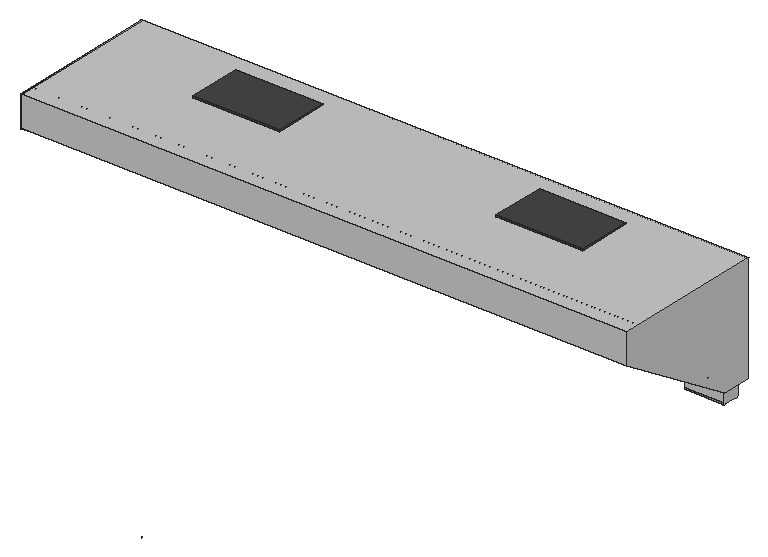
Revit family "QF_ELECTROLUXPROFESSIONAL_642274_MP728BT", category Specialty Equipment, Revit 2014
Reference planes
  plane 1: z = 0
  plane 2 "Center (Left/Right)": x = 150
  plane 3 "LEFT": x = -1250
  plane 4 "RIGHT": x = 1550
  plane 5 "BACK": y = 550
  plane 6 "Plane": z = 2000
  plane 7 "TOP": z = 2140
  plane 8 "Base": z = 1640
  plane 9: z = 1566
  plane 10 "DrainY": y = 485
  plane 11: x = -1247
  plane 12: through (0, 414.509, 1640.8) normal (0, 0.7314, 0.682)
  plane 13: y = 470
  plane 14: y = 220
  plane 15 "DrainX": x = 1430
  plane 16: x = -350
  plane 17: x = 650
  plane 18: x = -750
  plane 19: x = 1050
  plane 20: x = 1547
  plane 21: x = 1340
  plane 22: x = 1520
  plane 23: x = -1210
  plane 24: x = -845
  plane 25: x = -450
  plane 26: x = 1510
  plane 27: x = 1145
  plane 28: x = 750
  plane 29 "Center (Front/Back)": y = 200
  plane 30 "Front": y = -150
Forms (mm)
  Extrusion 1, solid, material "QF_Finishes_Stainless Steel"
    sketch origin (-1250, 0, 0) x (0, 1, 0) y (0, 0, 1)
      loop
        line (550, 1640) -> (550, 2140) -> (-150, 2140) -> (-150, 1998.603) -> (413.973, 1640) -> (550, 1640)
    from 0 to 3
  Extrusion 2, solid, material "QF_Finishes_Stainless Steel"
    sketch origin (150, 0, 0) x (0, 1, 0) y (0, 0, 1)
      loop
        line (415.255, 1640) -> (550, 1640) -> (550, 2139.19) -> (549.2, 2139.19) -> (549.2, 1640.8) -> (415.876, 1640.8) -> (339.347, 1722.867) -> (349.609, 1732.436) -> (348.927, 1733.167) -> (337.934, 1722.917) -> (415.255, 1640)
      loop
        line (-82.203, 2139.19) -> (-82.203, 2118.6) -> (-31.047, 2118.6) -> (34.354, 2048.466) -> (46.028, 2059.352) -> (45.346, 2060.083) -> (34.403, 2049.879) -> (-30.612, 2119.6) -> (-81.203, 2119.6) -> (-81.203, 2139.19) -> (-82.203, 2139.19)
    from -1397 to 1397
  Extrusion 3, solid, material "QF_Finishes_Stainless Steel"
    sketch origin (1550, 0, 0) x (0, 1, 0) y (0, 0, 1)
      loop
        line (550, 1640) -> (550, 2140) -> (-150, 2140) -> (-150, 1998.603) -> (413.973, 1640) -> (550, 1640)
    from 0 to -3
  Extrusion 4, solid, material "QF_Finishes_Stainless Steel"
    sketch origin (150, 0, 0) x (0, 1, 0) y (0, 0, 1)
      loop
        line (-150, 2140) -> (-150, 2000) -> (-149.2, 2000) -> (-149.2, 2139.19) -> (550, 2139.19) -> (550, 2140) -> (-150, 2140)
    from -1400 to 1400
  Extrusion 5, solid, material "QF_Finishes_Stainless Steel"
    sketch origin (150, 0, 0) x (0, 1, 0) y (0, 0, 1)
      loop
        line (534, 1640) -> (436, 1640) -> (436, 1627) -> (443.5, 1627) -> (443.5, 1576)
        arc (443.5, 1576) -> (446.429, 1568.929) -> (453.5, 1566) r 10
        line (453.5, 1566) -> (516.5, 1566)
        arc (516.5, 1566) -> (523.571, 1568.929) -> (526.5, 1576) r 10
        line (526.5, 1576) -> (526.5, 1627) -> (534, 1627) -> (534, 1640)
    from 1190 to 1370
  Extrusion 6, solid, material "QF_Finishes_Stainless Steel"
    sketch origin (0, 0, 1640) x (0, 1, 0) y (-1, 0, 0)
      loop
        circle (485, -1430) r 20
    from -76 to -74
  Extrusion 7, solid, material "QF_Finished_Chrome"
    sketch origin (150, 0, 0) x (0, 1, 0) y (0, 0, 1)
      loop
        line (337.934, 1722.917) -> (341.591, 1726.327) -> (38.011, 2051.876) -> (34.354, 2048.466) -> (337.934, 1722.917)
    from -995 to -1360
  Extrusion 8, solid, material "QF_Finished_Chrome"
    sketch origin (150, 0, 0) x (0, 1, 0) y (0, 0, 1)
      loop
        line (337.934, 1722.917) -> (341.591, 1726.327) -> (38.011, 2051.876) -> (34.354, 2048.466) -> (337.934, 1722.917)
    from 600 to -600
  Extrusion 9, solid, material "QF_Finishes_Stainless Steel"
    sketch origin (150, 0, 0) x (0, 1, 0) y (0, 0, 1)
      loop
        line (337.934, 1722.917) -> (341.591, 1726.327) -> (38.011, 2051.876) -> (34.354, 2048.466) -> (337.934, 1722.917)
    from 1397 to 1360
  Extrusion 10, solid, material "QF_Finishes_Stainless Steel"
    sketch origin (150, 0, 0) x (0, 1, 0) y (0, 0, 1)
      loop
        line (341.588, 1726.324) -> (38.009, 2051.874) -> (34.354, 2048.466) -> (337.934, 1722.917) -> (341.588, 1726.324)
    from -995 to -600
  Extrusion 11, solid, material "QF_Finished_Chrome"
    sketch origin (150, 0, 0) x (0, 1, 0) y (0, 0, 1)
      loop
        line (341.588, 1726.324) -> (38.009, 2051.874) -> (34.354, 2048.466) -> (337.934, 1722.917) -> (341.588, 1726.324)
    from 995 to 1360
  Extrusion 12, solid, material "QF_Finishes_Black"
    sketch origin (0, 0, 2140) x (0, 1, 0) y (-1, 0, 0)
      loop
        line (470, 750) -> (220, 750) -> (220, 350) -> (470, 350) -> (470, 750)
    from 5 to 0
  Extrusion 13, solid, material "QF_Finishes_Black"
    sketch origin (940, 0, 2140) x (0, 1, 0) y (-1, 0, 0)
      loop
        line (470, 290) -> (220, 290) -> (220, -110) -> (470, -110) -> (470, 290)
    from 5 to 0
  Extrusion 14, solid, material "QF_Finishes_Stainless Steel"
    sketch origin (0, 0, 0) x (1, 0, 0) y (0, 1, 0)
      loop
        line (-1250, 550) -> (-1250, 549) -> (-1249, 549) -> (-1249, 550) -> (-1250, 550)
    from 0 to 1
  Extrusion 15, solid, material "QF_Finishes_Stainless Steel"
    sketch origin (150, 0, 0) x (0, 1, 0) y (0, 0, 1)
      loop
        line (337.934, 1722.917) -> (341.591, 1726.327) -> (38.011, 2051.876) -> (34.354, 2048.466) -> (337.934, 1722.917)
    from -1360 to -1397
  Extrusion 16, solid, material "QF_Finishes_Stainless Steel"
    sketch origin (150, 0, 0) x (0, 1, 0) y (0, 0, -1)
      loop
        line (341.588, -1726.324) -> (337.934, -1722.917) -> (34.354, -2048.466) -> (38.009, -2051.874) -> (341.588, -1726.324)
    from -995 to -600
Cuts and joins
  joined: Extrusion 2, Extrusion 4
Lines and regions (mm)
  reference lines
    curve 1: line (150, 34.354, 2048.466) -> (150, 34.354, 1888.466)
  symbolic lines, style "SpecialityEquipment", detail levels coarse
    curve 2: line (1550, 550, 2140) -> (-1250, 550, 2140)
    curve 3: line (-1250, 550, 2140) -> (-1250, -150, 2140)
    curve 4: line (1550, -150, 2140) -> (1550, 550, 2140)
    curve 5: line (-1250, -150, 2140) -> (1550, -150, 2140)
    curve 6: line (-750, 220, 2140) -> (-350, 220, 2140)
    curve 7: line (-750, 470, 2140) -> (-750, 220, 2140)
    curve 8: line (-350, 470, 2140) -> (-750, 470, 2140)
    curve 9: line (-350, 220, 2140) -> (-350, 470, 2140)
    curve 10: line (650, 470, 2140) -> (650, 220, 2140)
    curve 11: line (650, 220, 2140) -> (1050, 220, 2140)
    curve 12: line (1050, 470, 2140) -> (650, 470, 2140)
    curve 13: line (1050, 220, 2140) -> (1050, 470, 2140)
  symbolic lines, detail levels coarse
    curve 14: line (-1250, -150, 0) -> (1550, 550, 0)
    curve 15: line (1550, -150, 0) -> (-1250, 549, 0)
Dimensions and locks
  plane 3 "LEFT" to plane 4 "RIGHT" = 2800 mm
  equal spacing: plane 3 "LEFT", plane 2 "Center (Left/Right)", plane 4 "RIGHT"
  locked: plane 6 "Plane" to level at 2000
  plane 7 "TOP" to plane 6 "Plane" = 140 mm
  locked: plane 7 "TOP" to plane 8 "Base" at 500
  plane 8 "Base" to plane 9 = 74 mm
  plane 5 "BACK" to plane 10 "DrainY" = 65 mm  (x2)
  plane 3 "LEFT" to plane 11 = 3 mm
  plane 5 "BACK" to plane 13 = 80 mm
  plane 13 to plane 14 = 250 mm  (x2)
  plane 15 "DrainX" to plane 4 "RIGHT" = 120 mm
  locked: plane 16 to plane 17 at 1000
  equal spacing: plane 16, plane 2 "Center (Left/Right)", plane 17
  plane 18 to plane 16 = 400 mm
  plane 17 to plane 19 = 400 mm
  plane 20 to plane 4 "RIGHT" = 3 mm
  locked: plane 21 to plane 15 "DrainX" at 90
  locked: plane 15 "DrainX" to plane 22 at 90
  plane 13 to plane 5 "BACK" = 80 mm
  locked: plane 3 "LEFT" to plane 23 at 40
  locked: plane 23 to plane 24 at 365
  locked: plane 24 to plane 25 at 395
  locked: plane 26 to plane 27 at 365
  locked: plane 27 to plane 28 at 395
  locked: plane 26 to plane 4 "RIGHT" at 40
  plane 25 to plane 28 = 1200 mm
  locked: plane 5 "BACK" to plane 30 "Front" at 700
  equal spacing: plane 5 "BACK", plane 29 "Center (Front/Back)", plane 30 "Front"
  plane 5 "BACK" to plane 30 "Front" = 700 mm
  aligned and locked: level to plane 1
  aligned and locked: Extrusion 2 to Extrusion 1
  aligned and locked: Extrusion 2 to Extrusion 3
  aligned and locked: plane 4 "RIGHT" to Extrusion 4
  aligned and locked: Extrusion 4 to plane 3 "LEFT"
  aligned and locked: plane 20 to Extrusion 9
  aligned and locked: plane 18 to Extrusion 12
  aligned and locked: Extrusion 12 to plane 16
  aligned and locked: Extrusion 12 to plane 14
  aligned and locked: Extrusion 12 to plane 13
  aligned and locked: Extrusion 13 to plane 19
  aligned and locked: plane 17 to Extrusion 13
  aligned and locked: Extrusion 2 to Extrusion 4
  aligned and locked: plane 22 to Extrusion 5
  aligned and locked: Extrusion 5 to plane 21
  aligned and locked: Extrusion 9 to plane 26
  aligned and locked: Extrusion 11 to plane 26
  aligned and locked: Extrusion 11 to plane 27
  aligned and locked: Extrusion 8 to plane 28
  aligned and locked: Extrusion 8 to plane 25
  aligned and locked: plane 25 to Extrusion 10
  aligned and locked: Extrusion 10 to plane 24
  aligned and locked: plane 24 to Extrusion 7
  aligned and locked: Extrusion 7 to plane 23
  aligned and locked: Extrusion 15 to plane 11
  aligned and locked: plane 23 to Extrusion 15
  aligned and locked: Extrusion 16 to plane 28
  aligned and locked: Extrusion 16 to plane 27
  aligned and locked: Extrusion 3 to plane 20
Automatic sketch dimensions
  curve 5 to plane 3 "LEFT" = 0 mm
  curve 9 to plane 14 = 0 mm
  curve 10 to plane 14 = 0 mm
  plane 13 to curve 8 = 0 mm
  plane 13 to curve 12 = 0 mm
  curve 3 to plane 5 "BACK" = 0 mm
  curve 5 to plane 4 "RIGHT" = 0 mm
  curve 11 to plane 19 = 0 mm
  curve 10 to plane 17 = 0 mm
  curve 6 to plane 16 = 0 mm
  curve 6 to plane 18 = 0 mm
  Extrusion 2 sketch curve to plane 12 = 0 mm  (x3)
  Extrusion 2 sketch curve to plane 8 "Base" = 0 mm
  plane 12 to Extrusion 2 sketch curve = 0 mm
  Extrusion 2 sketch curve to plane 5 "BACK" = 0 mm
  Extrusion 2 sketch curve to Extrusion 2 sketch curve = 65.646 mm
  Extrusion 2 sketch curve to Extrusion 2 sketch curve = 0.682 mm  (x2)
  Extrusion 2 sketch curve to Extrusion 2 sketch curve = 10.261 mm
  plane 8 "Base" to Extrusion 2 sketch curve = 82.917 mm
  Extrusion 2 sketch curve to Extrusion 2 sketch curve = 10.942 mm
  Extrusion 2 sketch curve to Extrusion 2 sketch curve = 0.049 mm
  Extrusion 2 sketch curve to plane 7 "TOP" = 20.4 mm
  Extrusion 2 sketch curve to plane 7 "TOP" = 21.4 mm
  Extrusion 2 sketch curve to plane 7 "TOP" = 0.81 mm  (x2)
  Extrusion 2 sketch curve to Extrusion 2 sketch curve = 50.156 mm
  Extrusion 2 sketch curve to Extrusion 2 sketch curve = 1 mm
  plane 8 "Base" to Extrusion 2 sketch curve = 0.8 mm
  Extrusion 2 sketch curve to plane 5 "BACK" = 0.8 mm
  Extrusion 3 sketch curve to plane 8 "Base" = 0 mm
  Extrusion 3 sketch curve to plane 5 "BACK" = 0 mm
  Extrusion 3 sketch curve to plane 7 "TOP" = 0 mm
  plane 13 to Extrusion 3 sketch curve = 56.027 mm
  Extrusion 3 sketch curve to plane 6 "Plane" = 1.397 mm
  Extrusion 4 sketch curve to plane 6 "Plane" = 0 mm
  Extrusion 4 sketch curve to plane 5 "BACK" = 0 mm
  Extrusion 4 sketch curve to plane 7 "TOP" = 0 mm
  Extrusion 4 sketch curve to plane 7 "TOP" = 0.81 mm
  curve 1 to plane 12 = 0 mm
  curve 1 to plane 6 "Plane" = 111.534 mm
  Extrusion 5 sketch curve to plane 8 "Base" = 0 mm
  Extrusion 5 sketch curve to plane 9 = 0 mm
  Extrusion 5 sketch curve to plane 8 "Base" = 13 mm  (x2)
  plane 13 to Extrusion 5 sketch curve = 34 mm
  Extrusion 5 sketch curve to Extrusion 5 sketch curve = 7.5 mm  (x2)
  Extrusion 5 sketch curve to Extrusion 5 sketch curve = 10 mm
  plane 10 "DrainY" to Extrusion 5 sketch curve = 31.5 mm
  Extrusion 5 sketch curve to plane 5 "BACK" = 23.5 mm
  Extrusion 6 sketch curve to plane 10 "DrainY" = 0 mm
  Extrusion 6 sketch curve to plane 15 "DrainX" = 0 mm
  Extrusion 7 sketch curve to plane 12 = 0 mm  (x2)
  Extrusion 7 sketch curve to Extrusion 7 sketch curve = 3.657 mm
  plane 8 "Base" to Extrusion 7 sketch curve = 82.917 mm
  Extrusion 8 sketch curve to plane 12 = 0 mm  (x2)
  Extrusion 8 sketch curve to Extrusion 8 sketch curve = 3.657 mm
  plane 8 "Base" to Extrusion 8 sketch curve = 82.917 mm
  Extrusion 9 sketch curve to plane 12 = 0 mm  (x2)
  Extrusion 9 sketch curve to Extrusion 9 sketch curve = 3.657 mm
  plane 8 "Base" to Extrusion 9 sketch curve = 82.917 mm
  Extrusion 10 sketch curve to plane 12 = 0 mm  (x2)
  Extrusion 10 sketch curve to Extrusion 10 sketch curve = 3.655 mm
  plane 8 "Base" to Extrusion 10 sketch curve = 82.917 mm
  Extrusion 11 sketch curve to plane 12 = 0 mm  (x2)
  Extrusion 11 sketch curve to Extrusion 11 sketch curve = 3.655 mm
  plane 8 "Base" to Extrusion 11 sketch curve = 82.917 mm
  Extrusion 12 sketch curve to plane 14 = 0 mm
  plane 13 to Extrusion 12 sketch curve = 0 mm
  Extrusion 12 sketch curve to plane 16 = 0 mm
  Extrusion 12 sketch curve to plane 18 = 0 mm
  Extrusion 13 sketch curve to plane 14 = 0 mm
  plane 13 to Extrusion 13 sketch curve = 0 mm
  Extrusion 13 sketch curve to plane 19 = 0 mm
  Extrusion 13 sketch curve to plane 17 = 0 mm
  Extrusion 14 sketch curve to plane 3 "LEFT" = 0 mm
  Extrusion 14 sketch curve to plane 5 "BACK" = 0 mm
  plane 3 "LEFT" to Extrusion 14 sketch curve = 1 mm
  Extrusion 14 sketch curve to plane 5 "BACK" = 1 mm
  Extrusion 15 sketch curve to plane 12 = 0 mm  (x2)
  Extrusion 15 sketch curve to Extrusion 15 sketch curve = 3.657 mm
  plane 8 "Base" to Extrusion 15 sketch curve = 82.917 mm
  Extrusion 16 sketch curve to plane 12 = 0 mm  (x2)
  Extrusion 16 sketch curve to Extrusion 16 sketch curve = 3.655 mm
  plane 8 "Base" to Extrusion 16 sketch curve = 82.917 mm
  plane 6 "Plane" to Extrusion 2 sketch curve = 48.466 mm
  curve 1 to plane 14 = 185.646 mm
  plane 6 "Plane" to Extrusion 7 sketch curve = 51.876 mm
  plane 6 "Plane" to Extrusion 8 sketch curve = 51.876 mm
  plane 6 "Plane" to Extrusion 9 sketch curve = 51.876 mm
  plane 6 "Plane" to Extrusion 10 sketch curve = 51.874 mm
  plane 6 "Plane" to Extrusion 11 sketch curve = 51.874 mm
  plane 6 "Plane" to Extrusion 15 sketch curve = 51.876 mm
  plane 6 "Plane" to Extrusion 16 sketch curve = 51.874 mm
  curve 5 to plane 14 = 370 mm
  Extrusion 3 sketch curve to plane 14 = 370 mm
  Extrusion 4 sketch curve to plane 14 = 369.2 mm
  Extrusion 4 sketch curve to Extrusion 4 sketch curve = 0.8 mm
  Extrusion 1 sketch curve to plane 7 "TOP" = 0 mm
  Extrusion 1 sketch curve to plane 8 "Base" = 0 mm
  Extrusion 1 sketch curve to plane 5 "BACK" = 0 mm
  Extrusion 1 sketch curve to plane 30 "Front" = 0 mm
  plane 13 to Extrusion 1 sketch curve = 56.027 mm
  Extrusion 1 sketch curve to plane 6 "Plane" = 1.397 mm
  curve 15 to plane 3 "LEFT" = 0 mm
  curve 14 to plane 3 "LEFT" = 0 mm
  curve 15 to plane 4 "RIGHT" = 0 mm
  curve 14 to plane 4 "RIGHT" = 0 mm
  curve 15 to plane 30 "Front" = 0 mm
  curve 14 to plane 30 "Front" = 0 mm
  curve 14 to plane 5 "BACK" = 0 mm
  curve 15 to plane 5 "BACK" = 1 mm
  radius of Extrusion 6 sketch curve = 20 mm
Connectors
  piping at (1430, 485, 1564), diameter 20
    settings: on Extrusion 6, index 1, connector inside diameter 609.6 mm, connector length 0 mm, flow factor 0, pipe flow 0.0 L/s, pressure drop 0.0 Pa, fitting loss kfactor 0, connector angle 0.00°, fixture units 0, engagement length 0 mm, angle of deflection 0.00°, flow configuration 1, flow direction 2, fitting loss method 0, system type 16, joint type 0, gender type 0, connector reference index -1, connector utility 0, adjustable connector no, is connector primary yes, connector description "Drain"
  hvac at (-550, 345, 2145)
    settings: on Extrusion 12, index 2, duct flow 0.0 L/s, flow factor 0, pres drop 0.0 Pa, loss coef 0, conn angle 0.00°, conn width 250 mm, conn height 400 mm, conn diameter 609.6 mm, duct sys type 3, conn prof type 1, flow config 1, flow direction 0, loss method 0, conn ref index -1, conn util no, is conn primary yes, conn desc "EXHAUST OUTLET"
  hvac at (850, 345, 2145)
    settings: on Extrusion 13, index 3, duct flow 0.0 L/s, flow factor 0, pres drop 0.0 Pa, loss coef 0, conn angle 0.00°, conn width 250 mm, conn height 400 mm, conn diameter 609.6 mm, duct sys type 3, conn prof type 1, flow config 1, flow direction 0, loss method 0, conn ref index -1, conn util no, is conn primary no, conn desc "EXHAUST OUTLET"
